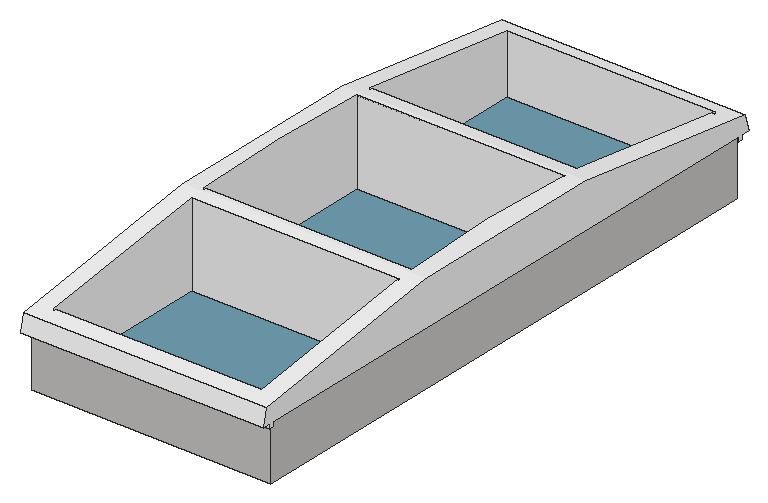
Revit family "Recessed_Shelf-Whitehall-BestCare_DignitySuite-WHD-SHV15", category Furniture, host Face, Revit 2018
Family settings
  Host = Face
  OmniClass Number = 23.40.20.27.11
  OmniClass Title = Shelves
  Cut with Voids When Loaded = No
  Shared = Yes
  Room Calculation Point = No
Parameters (values of type "WHD-SHV15")
  Width = 6 1/2"
  Warranty Documentation Link = "https://www.whitehallmfg.com/uploads/docs/WH_Terms_Fixture.pdf"
  URL = "https://www.whitehallmfg.com/home"
  Type Comments = ""
  Product Documentation Link = "https://www.whitehallmfg.com/uploads/fileLibrary/WHD-SHV15.pdf"
  Price = "Prices may vary. Please consult Manufacturer Representative for most up-to-date price list."  # constant formula
  Mounting Frame Material = Metal-Whitehall-Stainless Steel
  Model = "WHD-SHV15"
  Manufacturer = "Whitehall Mfg."  # constant formula
  Length = 15 1/4"
  Installation Type = "Wall Mounted"  # constant formula
  Height = 38"
  Frame Material = Polymer Resin Corterra-Whitehall-Blanco (OCC11)
  Description = "Ligature Resistant recessed shelf 15” width"  # constant formula
  Default Elevation = 0"
  Creation Date = "07/22/2021"  # constant formula
  Shelf Back Panel Material = Stainless Steel-Whitehall-Dignity Blue (EG-30)-Powder Coated
  Assembly Code = "E2010"
  -OCC Optional Corterra Color (Frame) Specify OCC = no
  -MF Mirror Finish (Shelf Backing) = no
  -EG10 Snow White Enviro-glaze color (Shelf Backing) = no
Reference planes (in)
  plane 1 "Center (Front/Back)": y = 0
  plane 2: z = 0
  plane 3 "Center (Left/Right)": x = 0
  plane 4: y = 6
  plane 5: y = -6
  plane 6: y = 7
  plane 7: x = -6.5
  plane 8: x = 6.5
  plane 9: y = -7
  plane 10: y = 17.75
  plane 11: y = -17.75
  plane 12: y = -18.75
  plane 13: x = -7.625
  plane 14: x = 7.625
  plane 15: y = -19
  plane 16: y = 19
  plane 17: x = 7.5
  plane 18: x = -7.5
  plane 19: z = 3
  plane 20: z = 1
  plane 21: z = -3.5
  plane 22: y = 18.75
Forms (in)
  Extrusion 1, solid, material "Polymer Resin Corterra-Whitehall-Blanco (OCC11)" <- "Frame Material"
    sketch origin (31.70616, 36.92316, -3.5) x (0, -1, 0) y (0, 0, -1)
      loop
        line (55.17316, 0) -> (18.67316, 0) -> (18.67316, -3.25) -> (18.42316, -3.25) -> (18.42316, -3.5) -> (17.92316, -3.5) -> (18.19111, -4.5)
        arc (18.19111, -4.5) -> (36.92316, -6.5) -> (55.65521, -4.5) r 88.72243
        line (55.65521, -4.5) -> (55.92316, -3.5) -> (55.42316, -3.5) -> (55.42316, -3.25) -> (55.17316, -3.25) -> (55.17316, 0)
    from -39.33116 to -24.08116
  Extrusion 2, void
    sketch origin (0, 0, -3.5) x (1, 0, 0) y (0, 1, 0)
      loop
        line (-6.5, 17.75) -> (-6.5, 7) -> (6.5, 7) -> (6.5, 17.75) -> (-6.5, 17.75)
      loop
        line (-6.5, 6) -> (-6.5, -6) -> (6.5, -6) -> (6.5, 6) -> (-6.5, 6)
      loop
        line (-6.5, -7) -> (-6.5, -17.75) -> (6.5, -17.75) -> (6.5, -7) -> (-6.5, -7)
    from 1 to 6.5
  Extrusion 3, void
    sketch origin (-12.94305, -11.44376, -3.5) x (1, 0, 0) y (0, 0, -1)
      loop
        line (5.44305, -3.5) -> (5.44305, 0) -> (3.09697, 0) -> (3.09697, -3.5) -> (5.44305, -3.5)
      loop
        line (20.44305, -3.5) -> (22.78913, -3.5) -> (22.78913, 0) -> (20.44305, 0) -> (20.44305, -3.5)
    from -6.80624 to 29.69376
  Extrusion 4, void
    sketch origin (0, 0, 0) x (1, 0, 0) y (0, 1, 0)
      loop
        line (-7.625, 19) -> (-7.625, -19) -> (7.625, -19) -> (7.625, 19) -> (-7.625, 19)
    from -3.5 to 3
Cuts and joins
  Extrusion 2, Extrusion 3 cuts Extrusion 1
Lines and regions (in)
  Masking region 1
    outline origin (4, 23.531, 6.5) x (0, 0, 1) y (1, 0, 0)
      loop
        line (-6.5, 3.625) -> (-6.5, -11.625) -> (-3.5, -11.625) -> (-3.5, -10.5) -> (-3.70311, -10.5) -> (-3.70311, 2.5) -> (-3.5, 2.5) -> (-3.5, 3.625) -> (-6.5, 3.625)
  symbolic lines, detail levels fine
    curve 1: line (6.5, 23.531, 2.72343) -> (6.5, 23.531, 1.20632)
    curve 3: line (-6.5, 23.531, 1.20632) -> (6.5, 23.531, 1.20632)
    curve 4: line (-6.5, 23.531, 1.20632) -> (-6.5, 23.531, 2.72343)
    curve 5: line (6.5, 23.531, 2.72343) -> (-6.5, 23.531, 2.72343)
  symbolic lines, detail levels medium+fine
    curve 2: line (-7.625, 23.531, 1) -> (7.625, 23.531, 1)
Dimensions and locks (in)
  equal spacing: plane 5, plane 1 "Center (Front/Back)", plane 4
  plane 5 to plane 4 = 12"
  equal spacing: plane 7, plane 3 "Center (Left/Right)", plane 8
  plane 7 to plane 8 = 13"
  "Length": plane 13 to plane 14
  equal spacing: plane 13, plane 3 "Center (Left/Right)", plane 14
  equal spacing: plane 15, plane 1 "Center (Front/Back)", plane 16
  "Height": plane 15 to plane 16
  locked: plane 13 to plane 7 at 1.125
  plane 8 to plane 14 = 1 1/8"
  locked: plane 20 to plane 21 at 4.5
  locked: plane 19 to plane 21 at 6.5
  locked: plane 22 to plane 10 at 1
  locked: plane 6 to plane 4 at 1
  locked: plane 9 to plane 5 at 1
  locked: plane 12 to plane 11 at 1
  plane 11 to plane 9 = 10 3/4"
  plane 10 to plane 6 = 10 3/4"
  locked: plane 16 to plane 22 at 0.25
  locked: plane 12 to plane 15 at 0.25
  locked: plane 13 to plane 18 at 0.125
  locked: plane 17 to plane 14 at 0.125
  plane 19 to plane 21 = 6 1/2"
  aligned and locked: plane 2 to host face
  aligned and locked: level to host face
  aligned and locked: Extrusion 3 to Extrusion 1  (x2)
  aligned and locked: Extrusion 4 to cut or joined group of Extrusion 1, Extrusion 2, Extrusion 3  (x5)
  aligned and locked: Extrusion 1 to plane 13
  aligned and locked: Extrusion 1 to plane 14
  aligned and locked: plane 6 to Extrusion 2 sketch curve
  aligned and locked: plane 9 to Extrusion 2 sketch curve
  aligned and locked: Extrusion 2 to plane 8  (x3)
  aligned and locked: curve 1 to cut or joined group of Extrusion 1, Extrusion 2, Extrusion 3
  aligned and locked: curve 2 to cut or joined group of Extrusion 1, Extrusion 2, Extrusion 3
  aligned and locked: curve 3 to cut or joined group of Extrusion 1, Extrusion 2, Extrusion 3
  aligned and locked: cut or joined group of Extrusion 1, Extrusion 2, Extrusion 3 to curve 4
  aligned and locked: curve 5 to cut or joined group of Extrusion 1, Extrusion 2, Extrusion 3
Automatic sketch dimensions
  Extrusion 1 sketch curve to Extrusion 1 sketch curve = 0.26795"
  Extrusion 1 sketch curve to Extrusion 1 sketch curve = 1/4"  (x4)
  Extrusion 1 sketch curve to Extrusion 1 sketch curve = 36 1/2"
  Extrusion 1 sketch curve to Extrusion 1 sketch curve = 0.23205"
  Extrusion 1 sketch curve to Extrusion 1 sketch curve = 1/2"  (x2)
  Extrusion 1 sketch curve to Extrusion 1 sketch curve = 1"  (x2)
  Extrusion 1 sketch curve to Extrusion 1 sketch curve = 18 1/4"
  Extrusion 1 sketch curve to Extrusion 1 sketch curve = 3 1/4"
  Extrusion 1 sketch curve to Extrusion 1 sketch curve = 82.22243"
  Extrusion 2 sketch curve to Extrusion 2 sketch curve = 0"  (x4)
  Extrusion 2 sketch curve to Extrusion 2 sketch curve = 13"
  Extrusion 2 sketch curve to Extrusion 2 sketch curve = 1"  (x2)
  Extrusion 2 sketch curve to Extrusion 2 sketch curve = 10 3/4"
  Extrusion 1 sketch curve to level = 0"
  Extrusion 1 sketch curve to plane 16 = 0"
  plane 7 to Extrusion 2 sketch curve = 0"
  plane 11 to Extrusion 2 sketch curve = 0"
  plane 7 to Extrusion 4 sketch curve = 14 1/8"
  Extrusion 4 sketch curve to plane 16 = 0"
  plane 13 to Extrusion 4 sketch curve = 0"
  Extrusion 4 sketch curve to plane 15 = 0"
  host sketch curve to host sketch curve = 96"  (x2)
  Extrusion 3 sketch curve to level = 0"  (x2)
  Extrusion 3 sketch curve to plane 21 = 0"  (x2)
  Extrusion 3 sketch curve to plane 18 = 0"
  Extrusion 3 sketch curve to plane 17 = 0"
  Extrusion 3 sketch curve to plane 13 = 2.22108"
  Extrusion 3 sketch curve to plane 14 = 2.22108"
  Masking region 1 sketch curve to level = 0"
  plane 8 to Masking region 1 sketch curve = 0"
  Masking region 1 sketch curve to plane 7 = 0"
  Masking region 1 sketch curve to plane 19 = 0"  (x2)
  Masking region 1 sketch curve to plane 13 = 0"
  plane 14 to Masking region 1 sketch curve = 0"
  Masking region 1 sketch curve to Masking region 1 sketch curve = 13/64"
  curve 2 to plane 13 = 0"
  plane 14 to curve 2 = 0"
